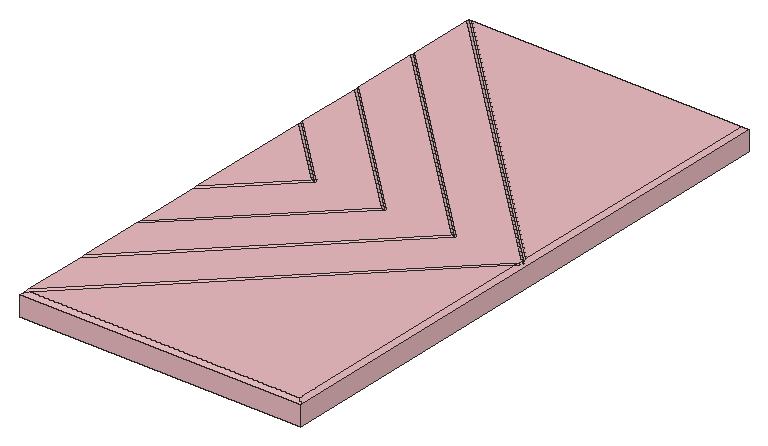
Revit family "ARROW 2ft x 4ft", category Specialty Equipment, Revit 2023
Family settings
  Round Connector Dimension = Use Diameter
  Part Type = Normal
  OmniClass Number = 23.35.00.00
  OmniClass Title = Covering, Cladding, and Finishes
  Work Plane-Based = Yes
  Enable Cutting in Views = Yes
  Always vertical = No
  Cut with Voids When Loaded = No
  Maintain Annotation Orientation = No
  Shared = No
  Room Calculation Point = No
Parameters (values of type "2 INCH THICK - CUSTOM PAINTED - STANDARD")
  URL = "https://www.acousticalsurfaces.com/envirocoustic-wood-wool/designs/"
  Type Comments = "Acoustic panels for vertical and horizontal surfaces"
  Thickness = 0' - 2"
  Recycled Content Percentage = "0%"
  Model = "Envirocoustic Wood Wool"
  Material = "Envirocoustic Wood Wool"
  Manufacturer = "Acoustical Surfaces, Inc."
  Fire Rating = "ASTM E84 - Class A"
  Finish = Paint - Acoustical-Surfaces - Custom Painted
  Description = "Acoustic Panels"
  Default Elevation = 0' - 0"
  Backer Thickness = 0' - 1"
  Backer = no
  Assembly Code = "C30"
  Acoustics - NRC = "Sound absorption varies from NRC 0.45 to 0.95 based on installation method used when tested per ASTM C423."
Types (27): name | Thickness | Finish | Backer Thickness | Backer
  2 INCH THICK - CUSTOM PAINTED - STANDARD | 0' - 2" | Paint - Acoustical-Surfaces - Custom Painted | 0' - 1" | no
  2 INCH THICK - PRIMED WHITE - STANDARD | 0' - 2" | Paint - Acoustical-Surfaces - Primed White | 0' - 1" | no
  2 INCH THICK - PRIMED CLEAR - STANDARD | 0' - 2" | Paint - Acoustical-Surfaces - Primed Clear | 0' - 1" | no
  2 INCH THICK - PRIMED WHITE - 2 INCH CFAB BACKER | 0' - 2" | Paint - Acoustical-Surfaces - Primed White | 0' - 2" | yes
  2 INCH THICK - PRIMED WHITE - 1 INCH CFAB BACKER | 0' - 2" | Paint - Acoustical-Surfaces - Primed White | 0' - 1" | yes
  2 INCH THICK - PRIMED CLEAR - 2 INCH CFAB BACKER | 0' - 2" | Paint - Acoustical-Surfaces - Primed Clear | 0' - 2" | yes
  2 INCH THICK - PRIMED CLEAR - 1 INCH CFAB BACKER | 0' - 2" | Paint - Acoustical-Surfaces - Primed Clear | 0' - 1" | yes
  2 INCH THICK - CUSTOM PAINTED - 2 INCH CFAB BACKER | 0' - 2" | Paint - Acoustical-Surfaces - Custom Painted | 0' - 2" | yes
  2 INCH THICK - CUSTOM PAINTED - 1 INCH CFAB BACKER | 0' - 2" | Paint - Acoustical-Surfaces - Custom Painted | 0' - 1" | yes
  1-3/8 INCH THICK - CUSTOM PAINTED - STANDARD | 0' - 1 3/8" | Paint - Acoustical-Surfaces - Custom Painted | 0' - 1" | no
  1-3/8 INCH THICK - PRIMED WHITE - STANDARD | 0' - 1 3/8" | Paint - Acoustical-Surfaces - Primed White | 0' - 1" | no
  1-3/8 INCH THICK - PRIMED CLEAR - STANDARD | 0' - 1 3/8" | Paint - Acoustical-Surfaces - Primed Clear | 0' - 1" | no
  1-3/8 INCH THICK - PRIMED WHITE - 2 INCH CFAB BACKER | 0' - 1 3/8" | Paint - Acoustical-Surfaces - Primed White | 0' - 2" | yes
  1-3/8 INCH THICK - PRIMED WHITE - 1 INCH CFAB BACKER | 0' - 1 3/8" | Paint - Acoustical-Surfaces - Primed White | 0' - 1" | yes
  1-3/8 INCH THICK - PRIMED CLEAR - 2 INCH CFAB BACKER | 0' - 1 3/8" | Paint - Acoustical-Surfaces - Primed Clear | 0' - 2" | yes
  1-3/8 INCH THICK - PRIMED CLEAR - 1 INCH CFAB BACKER | 0' - 1 3/8" | Paint - Acoustical-Surfaces - Primed Clear | 0' - 1" | yes
  1-3/8 INCH THICK - CUSTOM PAINTED - 2 INCH CFAB BACKER | 0' - 1 3/8" | Paint - Acoustical-Surfaces - Custom Painted | 0' - 2" | yes
  1-3/8 INCH THICK - CUSTOM PAINTED - 1 INCH CFAB BACKER | 0' - 1 3/8" | Paint - Acoustical-Surfaces - Custom Painted | 0' - 1" | yes
  1 INCH THICK - CUSTOM PAINTED - STANDARD | 0' - 1" | Paint - Acoustical-Surfaces - Custom Painted | 0' - 1" | no
  1 INCH THICK - PRIMED WHITE - STANDARD | 0' - 1" | Paint - Acoustical-Surfaces - Primed White | 0' - 1" | no
  1 INCH THICK - PRIMED CLEAR - STANDARD | 0' - 1" | Paint - Acoustical-Surfaces - Primed Clear | 0' - 1" | no
  1 INCH THICK - PRIMED WHITE - 2 INCH CFAB BACKER | 0' - 1" | Paint - Acoustical-Surfaces - Primed White | 0' - 2" | yes
  1 INCH THICK - PRIMED WHITE - 1 INCH CFAB BACKER | 0' - 1" | Paint - Acoustical-Surfaces - Primed White | 0' - 1" | yes
  1 INCH THICK - PRIMED CLEAR - 2 INCH CFAB BACKER | 0' - 1" | Paint - Acoustical-Surfaces - Primed Clear | 0' - 2" | yes
  1 INCH THICK - PRIMED CLEAR - 1 INCH CFAB BACKER | 0' - 1" | Paint - Acoustical-Surfaces - Primed Clear | 0' - 1" | yes
  1 INCH THICK - CUSTOM PAINTED - 2 INCH CFAB BACKER | 0' - 1" | Paint - Acoustical-Surfaces - Custom Painted | 0' - 2" | yes
  1 INCH THICK - CUSTOM PAINTED - 1 INCH CFAB BACKER | 0' - 1" | Paint - Acoustical-Surfaces - Custom Painted | 0' - 1" | yes
Reference planes (in)
  plane 1 "Center (Front/Back)": y = 0
  plane 2: z = 0
  plane 3 "Center (Left/Right)": x = 0
  plane 4: x = -12
  plane 5: x = 12
  plane 6: y = 24
  plane 7: y = -24
  plane 8: z = 2
  plane 9: z = -1
Forms (in)
  Extrusion 1, solid, material "Paint - Acoustical-Surfaces - Custom Painted" <- "Finish"
    sketch origin (0, 0, 0) x (1, 0, 0) y (0, 1, 0)
      loop
        line (12, 24) -> (-12, 24) -> (-12, -24) -> (12, -24) -> (12, 24)
    from 0 to 2
  Sweep 2, void
    path in 3D
      loop
        line (12, 24, 2) -> (-12, 24, 2) -> (-12, -24, 2) -> (12, -24, 2) -> (12, 24, 2)
    profile "Triangle : Family2" origin (12, 0, 2) x (-1, 0, 0) y (0, 0, 1)
      loop
        line (0, 0) -> (0, -0.315) -> (0.315, 0) -> (0, 0)
  Extrusion 3, solid, visible <- "Backer"
    sketch origin (0, 0, 0) x (1, 0, 0) y (0, 1, 0)
      loop
        line (12, 24) -> (-12, 24) -> (-12, -24) -> (12, -24) -> (12, 24)
    from 0 to -1
  Sweep 4, void
    path origin (0, -12, 2) x (1, 0, 0) y (0, 1, 0)
      loop
        line (-12, 36) -> (12, 12) -> (-12, -12)
    profile "Groove : Family2" origin (0, 12, 2) x (0.707107, 0.707107, 0) y (0, 0, 1)
      loop
        line (-0.1575, 0) -> (0, -0.1575) -> (0.1575, 0) -> (-0.1575, 0)
  Sweep 5, void
    path origin (0, 0, 2) x (1, 0, 0) y (0, 1, 0)
      loop
        line (-12, 18) -> (6, 0) -> (-12, -18)
    profile "Groove : Family2" origin (-3, 9, 2) x (0.707107, 0.707107, 0) y (0, 0, 1)
      loop
        line (-0.1575, 0) -> (0, -0.1575) -> (0.1575, 0) -> (-0.1575, 0)
  Sweep 6, void
    path origin (0, 0, 2) x (1, 0, 0) y (0, 1, 0)
      loop
        line (-12, 12) -> (0, 0) -> (-12, -12)
    profile "Groove : Family2" origin (-6, 6, 2) x (0.707107, 0.707107, 0) y (0, 0, 1)
      loop
        line (-0.1575, 0) -> (0, -0.1575) -> (0.1575, 0) -> (-0.1575, 0)
  Sweep 7, void
    path origin (0, 0, 2) x (1, 0, 0) y (0, 1, 0)
      loop
        line (-12, 6) -> (-6, 0) -> (-12, -6)
    profile "Groove : Family2" origin (-9, 3, 2) x (0.707107, 0.707107, 0) y (0, 0, 1)
      loop
        line (-0.1575, 0) -> (0, -0.1575) -> (0.1575, 0) -> (-0.1575, 0)
Cuts and joins
  Sweep 2, Sweep 4, Sweep 5, Sweep 6, Sweep 7 cuts Extrusion 1
  Sweep 4 cuts Extrusion 3
Lines and regions (in)
  sketch lines
    curve 1: line (12, -24, 2) -> (12, 24, 2)
    curve 2: line (-12, -24, 2) -> (12, -24, 2)
    curve 3: line (-12, 24, 2) -> (-12, -24, 2)
    curve 4: line (12, 24, 2) -> (-12, 24, 2)
Dimensions and locks (in)
  equal spacing: plane 4, plane 3 "Center (Left/Right)", plane 5
  equal spacing: plane 7, plane 1 "Center (Front/Back)", plane 6
  plane 7 to plane 6 = 4' - 0"
  locked: plane 4 to plane 5 at 24
  "Thickness": plane 8 to level
  "Backer Thickness": level to plane 9
  aligned and locked: level to plane 2
  aligned and locked: Extrusion 1 sketch curve to plane 4
  aligned and locked: plane 5 to Extrusion 1 sketch curve
  aligned and locked: Extrusion 1 sketch curve to plane 6
  aligned and locked: Extrusion 1 sketch curve to plane 7
  aligned and locked: Extrusion 1 to plane 8
  aligned and locked: Extrusion 3 sketch curve to plane 4
  aligned and locked: plane 5 to Extrusion 3 sketch curve
  aligned and locked: Extrusion 3 sketch curve to plane 6
  aligned and locked: Extrusion 3 sketch curve to plane 7
  aligned and locked: plane 9 to Extrusion 3
Automatic sketch dimensions
  Sweep 4 sketch curve to Extrusion 1 = 0' - 0"  (x4)
  Sweep 4 sketch curve to Extrusion 1 = 2' - 0"
  Sweep 5 sketch curve to Extrusion 1 = 0' - 0"  (x2)
  Sweep 5 sketch curve to Extrusion 1 = 0' - 6"  (x2)
  Sweep 5 sketch curve to Extrusion 1 = 2' - 0"
  Sweep 6 sketch curve to Extrusion 1 = 0' - 0"  (x2)
  Sweep 6 sketch curve to Extrusion 1 = 1' - 0"  (x2)
  Sweep 6 sketch curve to Extrusion 1 = 2' - 0"
  Sweep 7 sketch curve to Extrusion 1 = 0' - 0"  (x2)
  Sweep 7 sketch curve to Extrusion 1 = 0' - 6"
  Sweep 7 sketch curve to Extrusion 1 = 2' - 0"
  Sweep 7 sketch curve to Sweep 7 sketch curve = 0' - 6"
